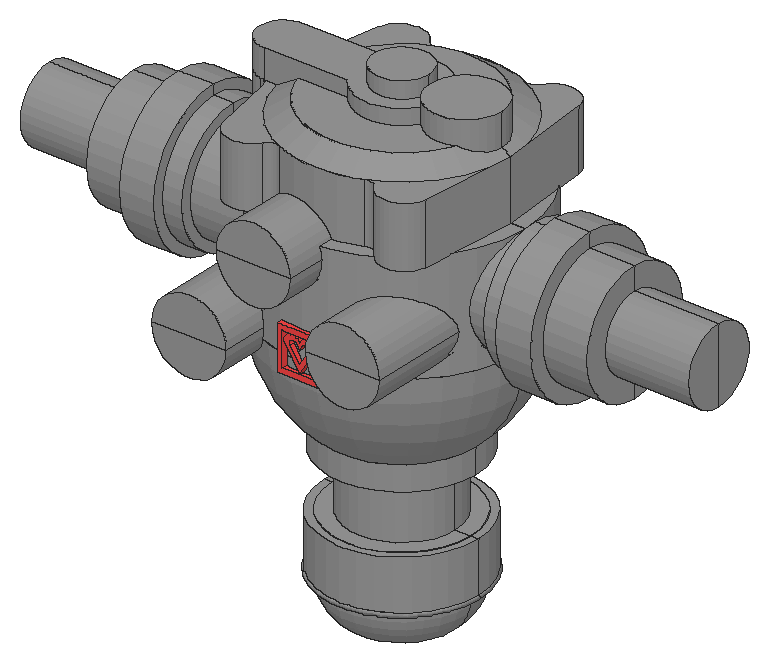
Revit family "Kombiventil 4006_R_SMART_SF_HF", category Rohrzubehör, Revit 2021
Family settings
  Bemaßung runder Anschluss = Durchmesser verwenden
  Teiletyp = Unterbricht
  OmniClass-Nummer = 23.65.55.14
  OmniClass-Titel = Valves for Liquid Services
  Arbeitsebenenbasiert = Nein
  Immer vertikal = Ja
  Beim Laden mit Abzugskörper schneiden = Nein
  Gemeinsam genutzt = Nein
Parameters (values of type "SF")
  kvs-Wert [instance] = if(and(SF, Nennweite = 15.00 mm), 1.75, if(and(HF, Nennweite = 15.00 mm), 2.62, if(and(SF, Nennweite = 20.00 mm), 2.62, if(and(HF, Nennweite = 20.00 mm), 3.54, 0))))  # 1.75
  Vorgabe-Ansicht = 0.00 mm
  VRL04 = 7.00 mm  # constant formula
  VRL03 = VRGT + 4.00 mm  # 11.00 mm
  VRL02 = 17.00 mm  # constant formula
  VRL01 = 30.00 mm  # constant formula
  VRGT = 7.00 mm  # constant formula
  VRD04 [instance] = D01 + 3.00 mm  # 13.00 mm
  VRD03 [instance] = D01 + 5.00 mm  # 15.00 mm
  VRD02 [instance] = VRD01 + 4.50 mm  # 12.00 mm
  VRD01 [instance] = Nennweite / 2  # 7.50 mm
  URL = "www.herz-armaturen.at"
  Stift = "Edelstahl 14301"  # constant formula
  SF [instance] = yes
  SCRNSEQ = "ARM;ARM_TYP=\"DURR\";2"
  SCRNCODE = "05;04;02"  # constant formula
  S04 = 25.00 mm  # constant formula
  S03 = 11.40 mm  # constant formula
  S02 = 20.10 mm  # constant formula
  S01 = 10.00 mm  # constant formula
  O-Ringe = "EPDM"  # constant formula
  Nennweite [instance] = 15.00 mm
  Min. Betriebstemperatur (reines Wasser) = 2 °C  # constant formula
  Min. Betriebstemperatur (Frostschutz) = -20 °C  # constant formula
  Membrangehäuse = "Messing CW602N"  # constant formula
  Membrane = "EPDM"  # constant formula
  Medium = "Wasserbeschaffenheit nach ÖNORM H 5195 und VDI 2035.\r\nDie Verwendung von Ethylen- Propylenglykol ist im Mischungsverhältnis 25 -50 Vol.-[%] zulässig."
  Max. Differenzdruck am Gehäuse = 600000.0 Pa  # constant formula
  Max. Betriebstemperatur = 130 °C  # constant formula
  Max. Betriebsdruck = 2500000.0 Pa  # constant formula
  ML01 = 32.40 mm  # constant formula
  MH03 = 9.00 mm  # constant formula
  MH02 = 3.50 mm  # constant formula
  MH01 = 8.50 mm  # constant formula
  MD01 = 7.50 mm  # constant formula
  LH01 = 5.00 mm  # constant formula
  ML04 = 17.00 mm  # constant formula
  ML03 = 4.00 mm  # constant formula
  ML02 = 14.00 mm  # constant formula
  L03 [instance] = size_lookup("4006R_S_SF_HF", "L3", 5.00 mm, Nennweite)  # 7.00 mm
  L02 = 34.00 mm  # constant formula
  L01 = 41.00 mm  # constant formula
  KH06 = 32.00 mm  # constant formula
  KH05 = 30.50 mm  # constant formula
  KH04 = 28.80 mm  # constant formula
  KH03 = 2.80 mm  # constant formula
  KH02 = 23.00 mm  # constant formula
  KH01 = 10.80 mm  # constant formula
  KD02 = 22.00 mm  # constant formula
  KD01 = 17.55 mm  # constant formula
  Impulsleitung = "Kupfer Cu-DHP (CW024A)"  # constant formula
  Hub = "4 mm"  # constant formula
  Hersteller = "HERZ Armaturen Ges.m.b.H."  # constant formula
  HF [instance] = no
  H06 = H01 + H03 - 9.00 mm  # 48.50 mm
  H05 = 5.00 mm  # constant formula
  H04 = 9.00 mm  # constant formula
  H03 = 20.50 mm  # constant formula
  H02 = 57.10 mm  # constant formula
  H01 = 37.00 mm  # constant formula
  Gehäuse = "DZR Messing CC770S"  # constant formula
  Durchfluss bei Einstellung 100% [instance] = if(and(SF, Nennweite = 15.00 mm), 0.22 L/s, if(and(HF, Nennweite = 15.00 mm), 0.33 L/s, if(and(SF, Nennweite = 20.00 mm), 0.33 L/s, if(and(HF, Nennweite = 20.00 mm), 0.56 L/s, 0.0 L/s))))  # 0.22 L/s
  Druckfeder = "Federstahl"  # constant formula
  D06 = 13.90 mm  # constant formula
  D05 = 15.00 mm  # constant formula
  D04 = 25.00 mm  # constant formula
  D03 = 19.50 mm  # constant formula
  D02 [instance] = size_lookup("4006R_S_SF_HF", "D2", 5.00 mm, Nennweite)  # 11.00 mm
  D01 [instance] = size_lookup("4006R_S_SF_HF", "D1", 5.00 mm, Nennweite)  # 10.00 mm
  Bestellnummer Verschraubung [instance] = if(Nennweite = 15.00 mm, 1622021, if(Nennweite = 20.00 mm, 1622012, 0))  # 1622021
  Bestellnummer [instance] = if(and(SF, Nennweite = 15.00 mm), 1400691, if(and(HF, Nennweite = 15.00 mm), 1400681, if(and(SF, Nennweite = 20.00 mm), 1400692, if(and(HF, Nennweite = 20.00 mm), 1400682, 0))))  # 1400691
  Bauschutzkappe = "Kunststoff"  # constant formula
  Anwendungsgebiet = "Das Kombiventil wird in allen pumpenbetriebenen Heiz- und Kühlanlagen eingesetzt.\r\nDer Regler begrenzt automatisch den Volumenstrom im gewählten Anlagenteil auf den einmal eingestellten Wert, indem alle Druckschwankungen gemessen und ausgeregelt werden.\r\nSomit sind keine Messungen erforderlich und die Regelung ist bei allen Betriebsbedingungen effektiv.\r\nDas Kombiventil regelt den Volumenstrom der ventileigenen Voreinstellung auf einen konstanten Wert; die Membran regelt aufgrund des Druckes unmittelbar nach dem Regeleinsatz, sowie des Druckes davor.\r\nDie Voreinstellung bezieht sich direkt auf den Volumenstrom; entsprechend kann die maximale Durchflussmenge bei der Montage direkt nach dem Diagramm eingestellt werden.\r\nSomit sind z.B. Heizungsstränge, Kühlwasserkreisläufe, Deckenstrahlplatten, Kühldecken und Lufterhitzer ohne Rücksicht auf die Druckverteilung in der Anlage ohne weiteres abgleichbar."
  Anschluss [instance] = if(and(SF, Nennweite = 15.00 mm), "3/4, AG flachdichtend", if(and(HF, Nennweite = 15.00 mm), "3/4, AG flachdichtend", if(and(SF, Nennweite = 20.00 mm), "1, AG flachdichtend", if(and(HF, Nennweite = 20.00 mm), "1, AG flachdichtend", "0, AG flachdichtend"))))  # "3/4, AG flachdichtend"
Types (3, lengths in mm): name | kvs-Wert | VRD04 | VRD03 | VRD02 | VRD01 | SF | Nennweite | L03 | HF | Durchfluss bei Einstellung 100% | D02 | D01 | Bestellnummer Verschraubung | Bestellnummer | Anschluss
  (no name) | 1.75 | 13.00 | 15.00 | 12.00 | 7.50 | yes | 15.00 | 7.00 | no | 0.22 L/s | 11.00 | 10.00 | 1622021 | 1400691 | "3/4, AG flachdichtend"
  SF | 1.75 | 13.00 | 15.00 | 12.00 | 7.50 | yes | 15.00 | 7.00 | no | 0.22 L/s | 11.00 | 10.00 | 1622021 | 1400691 | "3/4, AG flachdichtend"
  HF | 3.54 | 15.50 | 17.50 | 14.50 | 10.00 | no | 20.00 | 8.40 | yes | 0.56 L/s | 15.50 | 12.50 | 1622012 | 1400682 | "1, AG flachdichtend"
Reference planes
  plane 1 "Mitte (Vorne/hinten)": y = 0
  plane 2: z = 0
  plane 3 "Mitte (Links/rechts)": x = 0
Forms (mm)
  Revolve 1, solid, material "Messing, weicher Gelbton, geschweißt", detail levels fine
    sketch origin (0, 0, 0) x (1, 0, 0) y (0, 0, 1)
      loop
        line (-41, 0) -> (34, 0) -> (34, 10) -> (27, 10) -> (27, 11) -> (-34, 11) -> (-34, 10) -> (-41, 10) -> (-41, 0)
      axis (-41, 0) -> (34, 0)
    angle from 0 to 360
  Revolve 2, solid, material "Messing, weicher Gelbton, geschweißt", detail levels fine
    sketch origin (0, 0, 0) x (1, 0, 0) y (0, 0, 1)
      loop
        line (-41, 0) -> (-41, 10) -> (-34, 10) -> (-34, 13) -> (-38, 13) -> (-38, 15) -> (-45, 15) -> (-45, 12) -> (-54, 12) -> (-54, 7.5) -> (-71, 7.5) -> (-71, 0) -> (-41, 0)
      axis (-71, 0) -> (-34, 0)
    angle from 0 to 360
  Revolve 3, solid, material "Messing, weicher Gelbton, geschweißt", detail levels fine
    sketch origin (0, 0, 0) x (-1, 0, 0) y (0, 0, 1)
      loop
        line (-34, 0) -> (-34, 10) -> (-27, 10) -> (-27, 13) -> (-31, 13) -> (-31, 15) -> (-38, 15) -> (-38, 12) -> (-47, 12) -> (-47, 7.5) -> (-64, 7.5) -> (-64, 0) -> (-34, 0)
      axis (-64, 0) -> (-27, 0)
    angle from 0 to 360
  Revolve 4, solid, material "Messing, weicher Gelbton, geschweißt", detail levels fine
    sketch origin (0, 0, 0) x (1, 0, 0) y (0, 0, 1)
      loop
        line (0, -57.5) -> (13.9, -57.5) -> (13.9, -48.5) -> (10.75, -48.5) -> (10.75, -37) -> (15, -37) -> (15, -32)
        arc (15, -32) -> (22.372, -22.63) -> (25, -11) r 27.05
        line (25, -11) -> (25, 11) -> (19.5, 11) -> (19.5, 20.1) -> (0, 20.1) -> (0, -57.5)
      axis (0, 20.1) -> (0, -57.5)
    angle from 0 to 360
  Revolve 5, solid, material "Messing, weicher Gelbton, geschweißt", detail levels fine
    sketch origin (-18, 0, 8.5) x (1, 0, 0) y (0, 1, 0)
      loop
        line (14, 0) -> (14, -32.4) -> (21.5, -32.4) -> (21.5, 0) -> (14, 0)
      axis (14, 0) -> (14, -32.4)
    angle from 0 to 360
  Revolve 6, solid, material "Messing, weicher Gelbton, geschweißt", detail levels fine
    sketch origin (0, 0, -3.5) x (1, 0, 0) y (0, 1, 0)
      loop
        line (14, 0) -> (14, -32.4) -> (21.5, -32.4) -> (21.5, 0) -> (14, 0)
      axis (14, 0) -> (14, -32.4)
    angle from 0 to 360
  Revolve 7, solid, material "Messing, weicher Gelbton, geschweißt", detail levels fine
    sketch origin (-31, 0, -9) x (1, 0, 0) y (0, 1, 0)
      loop
        line (14, 0) -> (14, -32.4) -> (21.5, -32.4) -> (21.5, 0) -> (14, 0)
      axis (14, 0) -> (14, -32.4)
    angle from 0 to 360
  Extrusion 8, solid, material "Messing, weicher Gelbton, geschweißt", detail levels fine
    sketch origin (0, 0, 0) x (1, 0, 0) y (0, 1, 0)
      loop
        line (22, 0) -> (20.339, 19.316)
        arc (20.339, 19.316) -> (16.333, 23.302) -> (11.169, 21.006) r 5
        arc (11.169, 21.006) -> (10.07, 20.148) -> (8.677, 20.217) r 2
        arc (8.677, 20.217) -> (0, 22) -> (-8.677, 20.217) r 22
        arc (-8.677, 20.217) -> (-10.07, 20.148) -> (-11.169, 21.006) r 2
        arc (-11.169, 21.006) -> (-16.333, 23.302) -> (-20.339, 19.316) r 5
        line (-20.339, 19.316) -> (-22.758, 6.552)
        arc (-22.758, 6.552) -> (-23.338, 5.482) -> (-24.431, 4.946) r 2
        arc (-24.431, 4.946) -> (-28.7, 0) -> (-24.431, -4.946) r 5
        arc (-24.431, -4.946) -> (-23.338, -5.482) -> (-22.758, -6.552) r 2
        line (-22.758, -6.552) -> (-20.339, -19.316)
        arc (-20.339, -19.316) -> (-16.333, -23.302) -> (-11.169, -21.006) r 5
        arc (-11.169, -21.006) -> (-10.07, -20.148) -> (-8.677, -20.217) r 2
        arc (-8.677, -20.217) -> (0, -22) -> (8.677, -20.217) r 22
        arc (8.677, -20.217) -> (10.07, -20.148) -> (11.169, -21.006) r 2
        arc (11.169, -21.006) -> (16.333, -23.302) -> (20.339, -19.316) r 5
        line (20.339, -19.316) -> (22, 0)
    from 10.8 <- "KH01" to 23 <- "KH02"
  Revolve 9, solid, material "Messing, weicher Gelbton, geschweißt", detail levels fine
    sketch origin (0, 0, 0) x (1, 0, 0) y (0, 0, 1)
      loop
        line (0, 23) -> (22, 23) -> (17.55, 25.8) -> (0, 25.8) -> (0, 23)
      axis (0, 25.8) -> (0, 23)
    angle from 0 to 360
  Extrusion 10, solid, material "Messing, weicher Gelbton, geschweißt", detail levels fine
    sketch origin (0, 0, 0) x (1, 0, 0) y (0, 1, 0)
      loop
        arc (-23.7, 5) -> (-28.7, 0) -> (-23.7, -5) r 5
        line (-23.7, -5) -> (-6.997, -5)
        arc (-6.997, -5) -> (8.6, 0) -> (-6.997, 5) r 8.6
        line (-6.997, 5) -> (-23.7, 5)
    from 23 <- "KH02" to 28.8 <- "KH04"
  Extrusion 11, solid, material "Messing, weicher Gelbton, geschweißt", detail levels fine
    sketch origin (0, 0, 0) x (1, 0, 0) y (0, 1, 0)
      loop
        circle (13, 0) r 7.2
    from 23 <- "KH02" to 30.5 <- "KH05"
  Extrusion 12, solid, material "Messing, weicher Gelbton, geschweißt", detail levels fine
    sketch origin (0, 0, 0) x (1, 0, 0) y (0, 1, 0)
      loop
        circle (0, 0) r 5.5
    from 23 <- "KH02" to 32 <- "KH06"
Lines and regions (mm)
  model lines, detail levels coarse+medium
    curve 1: line (-41, 0, 11) -> (-41, 0, -11)
    curve 2: line (-41, 0, -11) -> (34, 0, 11)
    curve 3: line (34, 0, 11) -> (34, 0, -11)
    curve 4: line (34, 0, -11) -> (-41, 0, 11)
    curve 5: line (-41, 0, 11) -> (-51, 0, 11)
    curve 6: line (-51, 0, 11) -> (-41, 0, 0)
    curve 7: line (-41, 0, -11) -> (-51, 0, -11)
    curve 8: line (-51, 0, -11) -> (-41, 0, 0)
    curve 9: line (-41, 0, 0) -> (-71, 0, 0)
    curve 10: line (34, 0, 11) -> (44, 0, 11)
    curve 11: line (44, 0, 11) -> (34, 0, 0)
    curve 12: line (34, 0, -11) -> (44, 0, -11)
    curve 13: line (44, 0, -11) -> (34, 0, 0)
    curve 14: line (34, 0, 0) -> (64, 0, 0)
    curve 15: line (-22.25, 0, 5.5) -> (-3.5, 0, 11)
    curve 16: line (-3.5, 0, 11) -> (15.25, 0, 5.5)
    curve 17: line (-3.5, 0, 11) -> (-3.5, 0, 20.1)
    curve 18: spline (-3.5, 0, 31.5) -> (-9.97, 0, 31.306) -> (-16, 0, 30.736) -> (-21.178, 0, 29.831) -> (-25.151, 0, 28.65) -> (-27.648, 0, 27.275) -> (-28.5, 0, 25.8) -> (-27.648, 0, 24.325) -> (-25.151, 0, 22.95) -> (-21.178, 0, 21.769) -> (-16, 0, 20.864) -> (-9.97, 0, 20.294) -> (-3.5, 0, 20.1) -> (2.97, 0, 20.294) -> (9, 0, 20.864) -> (14.178, 0, 21.769) -> (18.151, 0, 22.95) -> (20.648, 0, 24.325) -> (21.5, 0, 25.8) -> (20.648, 0, 27.275) -> (18.151, 0, 28.65) -> (14.178, 0, 29.831) -> (9, 0, 30.736) -> (2.97, 0, 31.306) -> (-3.5, 0, 31.5)
    curve 19: line (-41, 11, 0) -> (-41, -11, 0)
    curve 20: line (-41, -11, 0) -> (34, 11, 0)
    curve 21: line (34, 11, 0) -> (34, -11, 0)
    curve 22: line (34, -11, 0) -> (-41, 11, 0)
    curve 23: line (-41, 11, 0) -> (-51, 11, 0)
    curve 24: line (-51, 11, 0) -> (-41, 0, 0)
    curve 25: line (-41, -11, 0) -> (-51, -11, 0)
    curve 26: line (-51, -11, 0) -> (-41, 0, 0)
    curve 27: line (34, 11, 0) -> (44, 11, 0)
    curve 28: line (44, 11, 0) -> (34, 0, 0)
    curve 29: line (34, -11, 0) -> (44, -11, 0)
    curve 30: line (44, -11, 0) -> (34, 0, 0)
    curve 31: line (-22.25, 5.5, 0) -> (-3.5, 11, 0)
    curve 32: line (-3.5, 11, 0) -> (15.25, 5.5, 0)
    curve 33: line (-3.5, 11, 0) -> (-3.5, 20.1, 0)
    curve 34: spline (-3.5, 31.5, 0) -> (-9.97, 31.306, 0) -> (-16, 30.736, 0) -> (-21.178, 29.831, 0) -> (-25.151, 28.65, 0) -> (-27.648, 27.275, 0) -> (-28.5, 25.8, 0) -> (-27.648, 24.325, 0) -> (-25.151, 22.95, 0) -> (-21.178, 21.769, 0) -> (-16, 20.864, 0) -> (-9.97, 20.294, 0) -> (-3.5, 20.1, 0) -> (2.97, 20.294, 0) -> (9, 20.864, 0) -> (14.178, 21.769, 0) -> (18.151, 22.95, 0) -> (20.648, 24.325, 0) -> (21.5, 25.8, 0) -> (20.648, 27.275, 0) -> (18.151, 28.65, 0) -> (14.178, 29.831, 0) -> (9, 30.736, 0) -> (2.97, 31.306, 0) -> (-3.5, 31.5, 0)
Dimensions and locks
  "L03": Revolve 1 sketch curve to Revolve 1 sketch curve  (x2)
  "D01": Revolve 1 sketch curve to plane 2  (x2)
  "D02": Revolve 1 sketch curve to plane 2
  "L01": Revolve 1 sketch curve to plane 3 "Mitte (Links/rechts)"
  "L02": Revolve 1 sketch curve to plane 3 "Mitte (Links/rechts)"
  "L01": plane 3 "Mitte (Links/rechts)" to Revolve 2 sketch curve
  "VRL01": Revolve 2 sketch curve to Revolve 2 sketch curve
  "VRL02": Revolve 2 sketch curve to Revolve 2 sketch curve
  "VRGT": Revolve 2 sketch curve to Revolve 2 sketch curve
  "VRL03": Revolve 2 sketch curve to Revolve 2 sketch curve
  "VRL04": Revolve 2 sketch curve to Revolve 2 sketch curve
  "D01": Revolve 2 sketch curve to plane 2
  "VRD04": Revolve 2 sketch curve to plane 2
  "VRD01": Revolve 2 sketch curve to plane 2
  "VRD02": Revolve 2 sketch curve to plane 2
  "VRD03": Revolve 2 sketch curve to plane 2
  "VRL01": Revolve 3 sketch curve to Revolve 3 sketch curve
  "VRL02": Revolve 3 sketch curve to Revolve 3 sketch curve
  "VRGT": Revolve 3 sketch curve to Revolve 3 sketch curve
  "VRL03": Revolve 3 sketch curve to Revolve 3 sketch curve
  "VRL04": Revolve 3 sketch curve to Revolve 3 sketch curve
  "L02": Revolve 3 sketch curve to plane 3 "Mitte (Links/rechts)"
  "VRD01": Revolve 3 sketch curve to plane 2
  "VRD02": Revolve 3 sketch curve to plane 2
  "VRD03": Revolve 3 sketch curve to plane 2
  "D01": Revolve 3 sketch curve to plane 2
  "VRD04": Revolve 3 sketch curve to plane 2
  "D05": Revolve 4 sketch curve to plane 3 "Mitte (Links/rechts)"
  "H01": plane 2 to Revolve 4 sketch curve
  "H03": Revolve 4 sketch curve to Revolve 4 sketch curve
  "H05": Revolve 4 sketch curve to Revolve 4 sketch curve
  "H04": Revolve 4 sketch curve to Revolve 4 sketch curve
  "D06": Revolve 4 sketch curve to plane 3 "Mitte (Links/rechts)"
  "H02": Revolve 4 sketch curve to Revolve 4 sketch curve
  "D02": Revolve 4 sketch curve to plane 2  (x2)
  "D02": plane 2 to Revolve 4 sketch curve
  "D04": Revolve 4 sketch curve to plane 3 "Mitte (Links/rechts)"
  "D03": Revolve 4 sketch curve to plane 3 "Mitte (Links/rechts)"
  "H06": plane 2 to nested 1
  "MD01": Revolve 5 sketch curve to Revolve 5 sketch curve
  "MH01": Revolve 5 to plane 2
  "ML03": Revolve 5 sketch curve to plane 3 "Mitte (Links/rechts)"  (x2)
  "ML01": Revolve 5 sketch curve to plane 1 "Mitte (Vorne/hinten)"
  "MD01": Revolve 6 sketch curve to Revolve 6 sketch curve
  "MH02": plane 2 to Revolve 6
  "ML01": Revolve 6 sketch curve to plane 1 "Mitte (Vorne/hinten)"
  "ML02": nested 1 to Revolve 6 sketch curve  (x2)
  "MD01": Revolve 7 sketch curve to Revolve 7 sketch curve
  "MH03": plane 2 to Revolve 7
  "ML04": Revolve 7 sketch curve to plane 3 "Mitte (Links/rechts)"  (x2)
  "ML01": Revolve 7 sketch curve to plane 1 "Mitte (Vorne/hinten)"
  "D04": nested 2 to plane 1 "Mitte (Vorne/hinten)"
  "LH01": plane 2 to nested 2
  "KH02": Revolve 9 sketch curve to plane 2
  "KD01": Revolve 9 sketch curve to plane 3 "Mitte (Links/rechts)"
  "KD02": Revolve 9 sketch curve to plane 3 "Mitte (Links/rechts)"
  "KH03": Revolve 9 sketch curve to Revolve 9 sketch curve
  nested 1 to Extrusion 11 sketch curve = 13.00 mm
  "L01": curve 1 to plane 3 "Mitte (Links/rechts)"
  "L02": curve 3 to plane 3 "Mitte (Links/rechts)"
  "D02": curve 4 to plane 2 to curve 2
  "D02": curve 3 to plane 2 to curve 4
  "S01": curve 6 to curve 1
  "S01": curve 8 to Revolve 2
  "VRL01": curve 9 to curve 1
  "S01": curve 3 to curve 11
  "S01": curve 3 to curve 13
  "VRL01": curve 3 to curve 14
  equal spacing: curve 1, curve 15, curve 4
  equal spacing: curve 2, curve 16, curve 3
  equal spacing: curve 1, curve 16, curve 3
  "D02": curve 16 to plane 2
  "S02": curve 17 to plane 2
  "S03": curve 18 to curve 18
  "S04": curve 18 to curve 18
  equal spacing: curve 1, curve 18, curve 3
  "L01": curve 19 to plane 3 "Mitte (Links/rechts)"
  "L02": plane 3 "Mitte (Links/rechts)" to curve 21
  "D02": curve 20 to plane 1 "Mitte (Vorne/hinten)" to curve 22
  "D02": curve 22 to plane 1 "Mitte (Vorne/hinten)" to curve 21
  "S01": curve 24 to curve 19
  "S01": curve 26 to curve 19
  "S01": curve 21 to curve 28
  "S01": curve 21 to curve 30
  equal spacing: curve 19, curve 31, curve 18
  equal spacing: curve 18, curve 32, curve 21
  equal spacing: curve 19, curve 32, curve 21
  "D02": plane 1 "Mitte (Vorne/hinten)" to curve 32
  "S02": plane 1 "Mitte (Vorne/hinten)" to curve 33
  "S03": curve 34 to curve 34
  "S04": curve 34 to curve 34
  equal spacing: curve 19, curve 34, curve 21
  aligned and locked: level to plane 2
Automatic sketch dimensions
  Extrusion 8 sketch curve to Extrusion 8 sketch curve = 0.00 mm  (x7)
  plane 1 "Mitte (Vorne/hinten)" to Extrusion 8 sketch curve = 0.00 mm  (x3)
  Extrusion 8 sketch curve to plane 3 "Mitte (Links/rechts)" = 0.00 mm
  Extrusion 8 sketch curve to plane 3 "Mitte (Links/rechts)" = 9.466 mm  (x2)
  Extrusion 8 sketch curve to Extrusion 8 sketch curve = 5.961 mm  (x4)
  Extrusion 8 sketch curve to Extrusion 8 sketch curve = 4.913 mm  (x4)
  Extrusion 8 sketch curve to plane 1 "Mitte (Vorne/hinten)" = 6.552 mm
  Extrusion 8 sketch curve to Extrusion 8 sketch curve = 2.419 mm  (x2)
  plane 1 "Mitte (Vorne/hinten)" to Extrusion 8 sketch curve = 6.552 mm
  Extrusion 8 sketch curve to Extrusion 8 sketch curve = 0.942 mm
  Extrusion 8 sketch curve to Extrusion 8 sketch curve = 1.965 mm  (x2)
  plane 3 "Mitte (Links/rechts)" to Extrusion 8 sketch curve = 9.466 mm  (x2)
  Extrusion 8 sketch curve to Extrusion 8 sketch curve = 0.372 mm  (x2)
  plane 1 "Mitte (Vorne/hinten)" to Extrusion 8 sketch curve = 18.385 mm
  Extrusion 8 sketch curve to Extrusion 8 sketch curve = 11.833 mm  (x2)
  Extrusion 8 sketch curve to Extrusion 8 sketch curve = 0.931 mm  (x4)
  Extrusion 8 sketch curve to Extrusion 8 sketch curve = 3.669 mm  (x4)
  Extrusion 8 sketch curve to plane 1 "Mitte (Vorne/hinten)" = 18.385 mm
  Extrusion 8 sketch curve to Extrusion 8 sketch curve = 0.789 mm  (x2)
  Extrusion 8 sketch curve to Extrusion 8 sketch curve = 1.661 mm
  plane 1 "Mitte (Vorne/hinten)" to Extrusion 10 sketch curve = 0.00 mm  (x2)
  Extrusion 10 sketch curve to plane 3 "Mitte (Links/rechts)" = 6.997 mm
  Extrusion 10 sketch curve to plane 1 "Mitte (Vorne/hinten)" = 5.00 mm
  Extrusion 10 sketch curve to plane 3 "Mitte (Links/rechts)" = 0.00 mm
  Extrusion 10 sketch curve to Extrusion 10 sketch curve = 23.70 mm
  plane 1 "Mitte (Vorne/hinten)" to Extrusion 11 sketch curve = 0.00 mm
  plane 1 "Mitte (Vorne/hinten)" to Extrusion 12 sketch curve = 0.00 mm
  Extrusion 12 sketch curve to plane 3 "Mitte (Links/rechts)" = 0.00 mm
  curve 6 to level = 0.00 mm
  curve 13 to level = 0.00 mm
  plane 1 "Mitte (Vorne/hinten)" to curve 24 = 0.00 mm
  plane 1 "Mitte (Vorne/hinten)" to curve 30 = 0.00 mm
  Revolve 1 sketch curve to level = 0.00 mm  (x2)
  Revolve 1 sketch curve to Revolve 1 sketch curve = 1469.03 mm
  Revolve 1 sketch curve to Revolve 1 sketch curve = 1801.648 mm
  Revolve 2 sketch curve to level = 0.00 mm  (x2)
  Revolve 2 sketch curve to Revolve 2 sketch curve = 1435.53 mm
  plane 3 "Mitte (Links/rechts)" to Revolve 2 sketch curve = 1839.148 mm
  Revolve 3 sketch curve to level = 0.00 mm  (x2)
  Revolve 3 sketch curve to Revolve 3 sketch curve = 1435.53 mm
  plane 3 "Mitte (Links/rechts)" to Revolve 3 sketch curve = 1839.148 mm
  Revolve 4 sketch curve to plane 3 "Mitte (Links/rechts)" = 0.00 mm  (x2)
  Revolve 4 sketch curve to Revolve 4 sketch curve = 4.25 mm
  Revolve 4 sketch curve to Revolve 4 sketch curve = 308.545 mm
  Revolve 4 sketch curve to Revolve 4 sketch curve = 2194.215 mm
  plane 1 "Mitte (Vorne/hinten)" to Revolve 5 sketch curve = 0.00 mm
  Revolve 5 sketch curve to Revolve 5 sketch curve = 7.506 mm
  Revolve 5 sketch curve to Revolve 5 sketch curve = 2.881 mm
  plane 1 "Mitte (Vorne/hinten)" to Revolve 6 sketch curve = 0.00 mm
  Revolve 6 sketch curve to Revolve 6 sketch curve = 7.506 mm
  Revolve 6 sketch curve to Revolve 6 sketch curve = 2.881 mm
  plane 1 "Mitte (Vorne/hinten)" to Revolve 7 sketch curve = 0.00 mm
  Revolve 7 sketch curve to Revolve 7 sketch curve = 6.829 mm
  Revolve 7 sketch curve to Revolve 7 sketch curve = 2.881 mm
  Revolve 9 sketch curve to plane 3 "Mitte (Links/rechts)" = 0.00 mm  (x2)
  Revolve 9 sketch curve to level = 366.045 mm
  Revolve 9 sketch curve to Revolve 9 sketch curve = 2188.515 mm
  radius of Extrusion 11 sketch curve = 7.20 mm
  radius of Extrusion 12 sketch curve = 5.50 mm
Nested families
  nested 1: "Bauschutzkappe" at (0, 0, -48.5), type "Bauschutzkappe", detail levels fine
  nested 2: "Herz-Logo-vorne" at (0, -25, -9.5) x (0, 1, 0) z (0, 0, 1), type "Herz-Logo-vorne", detail levels fine
Connectors
  piping at (-71, 0, 0), diameter 15, driven by "Nennweite"
    settings: on Revolve 2, index 1, connector inside diameter 609.6 mm, connector length 0.00 mm, flow factor 0, pipe flow 0.0 L/s, pressure drop 0.0 Pa, fitting loss kfactor 0, connector angle 0.00°, fixture units 0, engagement length 0.00 mm, angle of deflection 0.00°, flow configuration 0, flow direction 1, fitting loss method 0, system type 29, joint type 0, gender type 0, connector reference index -1, connector utility 0, adjustable connector no, is connector primary yes, connector description ""
  piping at (64, 0, 0), diameter 15, driven by "Nennweite"
    settings: on Revolve 3, index 2, connector inside diameter 609.6 mm, connector length 0.00 mm, flow factor 0, pipe flow 0.0 L/s, pressure drop 0.0 Pa, fitting loss kfactor 0, connector angle 0.00°, fixture units 0, engagement length 0.00 mm, angle of deflection 0.00°, flow configuration 0, flow direction 2, fitting loss method 0, system type 29, joint type 0, gender type 0, connector reference index -1, connector utility 0, adjustable connector no, is connector primary no, connector description ""
Definition of nested family "Bauschutzkappe"
  Parameters (values of type "Bauschutzkappe")
    Default Elevation = 0.00 mm
  Reference planes
    plane 1 "Mitte (Vorne/hinten)": y = 0
    plane 2: z = 0
    plane 3 "Mitte (Links/rechts)": x = 0
  Forms (mm)
    Revolve 1, solid, detail levels fine
      sketch origin (0, 0, 0) x (1, 0, 0) y (0, 0, 1)
        loop
          line (0, 0) -> (-15.5, 0) -> (-15.5, -10.067)
          arc (-15.5, -10.067) -> (-15.733, -10.629) -> (-15.25, -11) r 0.5
          line (-15.25, -11) -> (-14.093, -11)
          arc (-14.093, -11) -> (-11.457, -17.364) -> (-5.093, -20) r 9
          line (-5.093, -20) -> (0, -20) -> (0, 0)
        axis (0, 0) -> (0, -20)
      angle from 0 to 360
  Dimensions and locks
    aligned and locked: level to plane 2
Definition of nested family "Herz-Logo-vorne"
  Parameters (values of type "Herz-Logo-vorne")
    Default Elevation = 0.00 mm
  Reference planes
    plane 1 "Mitte (Vorne/hinten)": y = 0
    plane 2: z = 0
    plane 3 "Mitte (Links/rechts)": x = 0
  Forms (mm)
    Extrusion 1, solid
      sketch origin (0.732, -0.018, 0.017) x (0, -1, 0) y (0, 0, 1)
        loop
          line (-0.018, -4.517) -> (4.482, -4.517) -> (4.482, 4.483) -> (-4.518, 4.483) -> (-4.518, -4.517) -> (-0.018, -4.517)
        loop
          line (-0.05, -3.48) -> (3.482, -3.48) -> (3.482, 3.483) -> (-3.518, 3.483) -> (-3.518, -3.48) -> (-0.05, -3.48)
        loop
          arc (-0.018, 2.383) -> (-1.543, 3.287) -> (-3.067, 2.383) r 1.738
          arc (-3.067, 2.383) -> (-3.191, 1.899) -> (-3.067, 1.415) r 1.009
          line (-3.067, 1.415) -> (-0.018, -3.281) -> (3.032, 1.415)
          arc (3.032, 1.415) -> (3.156, 1.899) -> (3.032, 2.383) r 1.009
          arc (3.032, 2.383) -> (1.507, 3.287) -> (-0.018, 2.383) r 1.738
        loop
          arc (1.885, 1.272) -> (2.005, 1.675) -> (1.885, 2.079) r 0.74
          arc (1.885, 2.079) -> (1.265, 2.416) -> (0.644, 2.079) r 0.74
          line (0.644, 2.079) -> (-0.018, 0.97) -> (-0.679, 2.079)
          arc (-0.679, 2.079) -> (-1.3, 2.416) -> (-1.921, 2.079) r 0.74
          arc (-1.921, 2.079) -> (-2.04, 1.675) -> (-1.921, 1.272) r 0.74
          line (-1.921, 1.272) -> (-0.018, -1.658) -> (1.885, 1.272)
      from 0 to 1.5
  Dimensions and locks
    aligned and locked: level to plane 2
